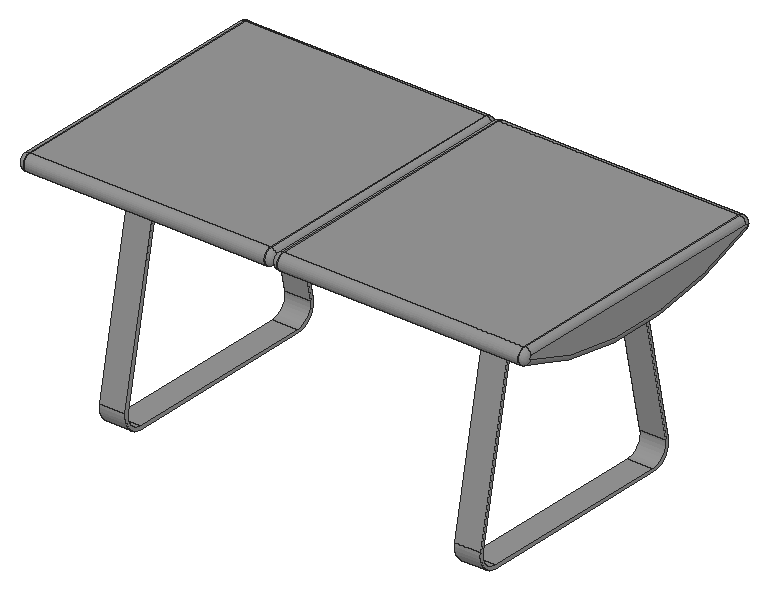
Revit family "Chico-Bench-Via_Seating", category Furniture, Revit 2014
Parameters (values of type "974")
  URL = "www.viaseating.com"
  Type Comments = "Bench"
  Salvage or Reuse = yes
  Percentage of Recycled Content = 0
  Origin = 0' - 10"
  Model = "974"
  Material = ""
  Manufacturer = "VIA SEATING"  # constant formula
  Low Emitting Material = yes
  Low Emitting Finish = yes
  Leg Sread = 2' - 4"
  Keynote = "12500"
  Fabric = Linen, White
  Description = "Chico Bench, 40\" Wide"
  Assembly Code = "E2020200"
  Aluminum = Aluminum
  # Of Seats = 2
Types (3): name | Origin | Model | Leg Sread | Description | # Of Seats
  (no name) | 0' - 10" | "974" | 2' - 4" | "Chico Bench, 40\" Wide" | 2
  974 | 0' - 10" | "974" | 2' - 4" | "Chico Bench, 40\" Wide" | 2
  976 | 1' - 8" | "976" | 3' - 2" | "Chico Bench, 60\" Wide" | 3
Reference planes (in)
  plane 1 "Center Front/Back": y = 0
  plane 2: z = 0
  plane 3 "Center Left/Right": x = 0
  plane 4: x = -10
  plane 5: x = -14
  plane 6: x = 14
Forms (in)
  Extrusion 1, solid, material "Aluminum" <- "Aluminum"
    sketch origin (-14, 16.92792, 48) x (0, 1, 0) y (0, 0, 1)
      loop
        arc (-10.39391, -33.30281) -> (-10.58258, -32.77772) -> (-10.90942, -32.32551) r 1.99289
        line (-10.90942, -32.32551) -> (-11.20741, -32.38731)
        arc (-11.20741, -32.38731) -> (-10.84324, -32.82346) -> (-10.63871, -33.35358) r 1.74289
        line (-10.63871, -33.35358) -> (-7.96491, -46.24616)
        arc (-7.96491, -46.24616) -> (-8.21939, -47.28905) -> (-9.18887, -47.75) r 1.25
        line (-9.18887, -47.75) -> (-24.68887, -47.75)
        arc (-24.68887, -47.75) -> (-25.67679, -47.29181) -> (-25.96518, -46.24169) r 1.29415
        line (-25.96518, -46.24169) -> (-23.29231, -33.35358)
        arc (-23.29231, -33.35358) -> (-23.08144, -32.81155) -> (-22.70494, -32.36826) r 1.75424
        line (-22.70494, -32.36826) -> (-23.00512, -32.306)
        arc (-23.00512, -32.306) -> (-23.34281, -32.76614) -> (-23.5371, -33.30281) r 2.00424
        line (-23.5371, -33.30281) -> (-26.2109, -46.1954)
        arc (-26.2109, -46.1954) -> (-25.86925, -47.4514) -> (-24.68887, -48) r 1.54415
        line (-24.68887, -48) -> (-9.18887, -48)
        arc (-9.18887, -48) -> (-8.02549, -47.44686) -> (-7.72012, -46.1954) r 1.5
        line (-7.72012, -46.1954) -> (-10.39391, -33.30281)
    from -1 to 1
  Extrusion 2, solid, material "Aluminum" <- "Aluminum"
    sketch origin (14, 16.92792, 48) x (0, 1, 0) y (0, 0, -1)
      loop
        line (-10.39391, 33.30281) -> (-7.72012, 46.1954)
        arc (-7.72012, 46.1954) -> (-8.02549, 47.44686) -> (-9.18887, 48) r 1.5
        line (-9.18887, 48) -> (-24.68887, 48)
        arc (-24.68887, 48) -> (-25.86925, 47.4514) -> (-26.2109, 46.1954) r 1.54415
        line (-26.2109, 46.1954) -> (-23.5371, 33.30281)
        arc (-23.5371, 33.30281) -> (-23.34281, 32.76614) -> (-23.00512, 32.306) r 2.00424
        line (-23.00512, 32.306) -> (-22.70494, 32.36826)
        arc (-22.70494, 32.36826) -> (-23.08144, 32.81155) -> (-23.29231, 33.35358) r 1.75424
        line (-23.29231, 33.35358) -> (-25.96518, 46.24169)
        arc (-25.96518, 46.24169) -> (-25.67679, 47.29181) -> (-24.68887, 47.75) r 1.29415
        line (-24.68887, 47.75) -> (-9.18887, 47.75)
        arc (-9.18887, 47.75) -> (-8.21939, 47.28905) -> (-7.96491, 46.24616) r 1.25
        line (-7.96491, 46.24616) -> (-10.63871, 33.35358)
        arc (-10.63871, 33.35358) -> (-10.84324, 32.82346) -> (-11.20741, 32.38731) r 1.74289
        line (-11.20741, 32.38731) -> (-10.90942, 32.32551)
        arc (-10.90942, 32.32551) -> (-10.58258, 32.77772) -> (-10.39391, 33.30281) r 1.99289
    from -1 to 1
Dimensions and locks (in)
  "Origin": plane 4 to plane 3 "Center Left/Right"
  group 1 to group 2 = 1' - 8"
  group 1 to group 2 = 0' - 0"  (x2)
  "Leg Sread": plane 5 to plane 6
  equal spacing: plane 5, plane 3 "Center Left/Right", plane 6
  equal spacing: Extrusion 1, plane 5, Extrusion 1
  locked: Extrusion 1 to Extrusion 1 at 2
  equal spacing: Extrusion 2, plane 6, Extrusion 2
  locked: Extrusion 2 to Extrusion 2 at 2
  locked: nested 1 to nested 2 at 20
  aligned and locked: level to plane 2
  aligned and locked: nested 1 to plane 4
  aligned and locked: plane 1 "Center Front/Back" to nested 1
Automatic sketch dimensions
  Extrusion 1 sketch curve to Extrusion 1 sketch curve = 0' - 0"  (x8)
  Extrusion 1 sketch curve to level = 0' - 0"
  level to Extrusion 1 sketch curve = 0' - 1.8046"  (x2)
  plane 1 "Center Front/Back" to Extrusion 1 sketch curve = 0' - 9.28298"
  level to Extrusion 1 sketch curve = 0' - 1.75831"
  Extrusion 1 sketch curve to Extrusion 1 sketch curve = 0' - 0.24572"
  level to Extrusion 1 sketch curve = 0' - 0 1/4"
  plane 1 "Center Front/Back" to Extrusion 1 sketch curve = 0' - 6.60919"
  Extrusion 1 sketch curve to Extrusion 1 sketch curve = 0' - 0.24479"  (x2)
  Extrusion 1 sketch curve to Extrusion 1 sketch curve = 0' - 0.2872"
  Extrusion 1 sketch curve to Extrusion 1 sketch curve = 0' - 0.30018"
  Extrusion 1 sketch curve to Extrusion 1 sketch curve = 0' - 1.13031"
  Extrusion 1 sketch curve to plane 1 "Center Front/Back" = 0' - 4.58264"
  Extrusion 1 sketch curve to Extrusion 1 sketch curve = 0' - 1.13787"
  Extrusion 1 sketch curve to Extrusion 1 sketch curve = 0' - 0.29799"
  Extrusion 1 sketch curve to Extrusion 1 sketch curve = 0' - 0.27071"
  level to Extrusion 1 sketch curve = 0' - 1 1/2"
  Extrusion 1 sketch curve to plane 1 "Center Front/Back" = 0' - 7.73905"
  level to Extrusion 1 sketch curve = 0' - 1.75384"
  Extrusion 1 sketch curve to Extrusion 1 sketch curve = 1' - 0.74604"
  Extrusion 1 sketch curve to Extrusion 1 sketch curve = 0' - 0.0023"
  Extrusion 1 sketch curve to Extrusion 1 sketch curve = 0' - 0.35393"
  Extrusion 1 sketch curve to Extrusion 1 sketch curve = 0' - 0.35623"
  Extrusion 1 sketch curve to Extrusion 1 sketch curve = 0' - 0 13/256"  (x2)
  Extrusion 2 sketch curve to Extrusion 2 sketch curve = 0' - 0"  (x8)
  Extrusion 2 sketch curve to level = 0' - 0"
  Extrusion 2 sketch curve to level = 0' - 1.8046"  (x2)
  Extrusion 2 sketch curve to plane 1 "Center Front/Back" = 0' - 9.28298"
  Extrusion 2 sketch curve to level = 0' - 1.75831"
  Extrusion 2 sketch curve to Extrusion 2 sketch curve = 0' - 0.24572"
  Extrusion 2 sketch curve to level = 0' - 0 1/4"
  Extrusion 2 sketch curve to plane 1 "Center Front/Back" = 0' - 6.60919"
  Extrusion 2 sketch curve to Extrusion 2 sketch curve = 0' - 0.24479"  (x2)
  Extrusion 2 sketch curve to Extrusion 2 sketch curve = 0' - 0.2872"
  Extrusion 2 sketch curve to Extrusion 2 sketch curve = 0' - 0.30018"
  Extrusion 2 sketch curve to Extrusion 2 sketch curve = 0' - 1.71769"
  plane 1 "Center Front/Back" to Extrusion 2 sketch curve = 0' - 4.58264"
  Extrusion 2 sketch curve to Extrusion 2 sketch curve = 0' - 1.13787"
  Extrusion 2 sketch curve to Extrusion 2 sketch curve = 0' - 0.29799"
  Extrusion 2 sketch curve to Extrusion 2 sketch curve = 0' - 0.27071"
  Extrusion 2 sketch curve to level = 0' - 1 1/2"
  plane 1 "Center Front/Back" to Extrusion 2 sketch curve = 0' - 7.73905"
  Extrusion 2 sketch curve to level = 0' - 1.75384"
  Extrusion 2 sketch curve to Extrusion 2 sketch curve = 1' - 0.74604"
  Extrusion 2 sketch curve to Extrusion 2 sketch curve = 0' - 0.0023"
  Extrusion 2 sketch curve to Extrusion 2 sketch curve = 0' - 0.35393"
  Extrusion 2 sketch curve to Extrusion 2 sketch curve = 0' - 0.35623"
  Extrusion 2 sketch curve to Extrusion 2 sketch curve = 0' - 0 13/256"  (x2)
Nested families (in)
  nested 1: "Chico-20_seat" at (-10, 0, 0), type "20" Seat"
  nested 2: "Chico-20_seat" at (10, 0, 0), type "20" Seat"
Definition of nested family "Chico-20_seat"
  Parameters (values of type "20" Seat")
    URL = "www.viaseating.com"
    Type Comments = "Bench"
    Salvage or Reuse = yes
    Plastic = none
    Percentage of Recycled Content = 0
    Model = "976"
    Material = ""
    Manufacturer = "VIA SEATING"  # constant formula
    Low Emitting Material = yes
    Low Emitting Finish = yes
    Keynote = "12500"
    HW = none
    Fabric = Linen, White
    Description = "Chico Bench, 60\" Wide"
    CYL = none
    Assembly Code = "E2020200"
    Aluminum = none
    # Of Seat = 3
  Reference planes (in)
    plane 1 "Center Front/Back": y = 0
    plane 2: z = 0
    plane 3 "Center Left/Right": x = 0
  Forms (in)
    Extrusion 1, solid, material "Linen, White" <- "Fabric"
      sketch origin (0, 0, 3.5) x (0, 1, 0) y (0, 0, 1)
        loop
          arc (-10.58741, 15) -> (-11.19863, 14.50553) -> (-10.84272, 13.80452) r 0.625
          arc (-10.84272, 13.80452) -> (0, 11.48893) -> (10.84272, 13.80452) r 26.54317
          arc (10.84272, 13.80452) -> (11.19863, 14.50553) -> (10.58741, 15) r 0.625
          line (10.58741, 15) -> (-10.58741, 15)
      from -9.5 to 9.5
    Sweep 2, solid, material "Linen, White" <- "Fabric"
      path origin (9.5, 0, 3.5) x (0, 1, 0) y (0, 0, 1)
        loop
          line (10.58741, 15) -> (-10.58741, 15)
          arc (-10.58741, 15) -> (-11.19863, 14.50553) -> (-10.84272, 13.80452) r 0.625
          arc (-10.84272, 13.80452) -> (0, 11.48893) -> (10.84272, 13.80452) r 26.54317
          arc (10.84272, 13.80452) -> (11.19863, 14.50553) -> (10.58741, 15) r 0.625
      profile origin (9.5, 0, 18.5) x (0, 0, -1) y (1, 0, 0)
        loop
          line (0, 0) -> (0.5, 0) -> (0.5, 0.5)
          arc (0.5, 0.5) -> (0.14645, 0.35355) -> (0, 0) r 0.5
    Extrusion 3, solid, material "Linen, White" <- "Fabric"
      sketch origin (9.5, 0, 3.5) x (0, 1, 0) y (0, 0, 1)
        loop
          arc (-10.58741, 14.5) -> (-10.70965, 14.40111) -> (-10.63847, 14.2609) r 0.125
          arc (-10.63847, 14.2609) -> (0, 11.98893) -> (10.63847, 14.2609) r 26.04317
          arc (10.63847, 14.2609) -> (10.70965, 14.40111) -> (10.58741, 14.5) r 0.125
          line (10.58741, 14.5) -> (-10.58741, 14.5)
      from 0 to 0.5
    Sweep 4, solid, material "Linen, White" <- "Fabric"
      path origin (-9.5, 0, 3.5) x (0, 1, 0) y (0, 0, 1)
        loop
          line (10.58741, 15) -> (-10.58741, 15)
          arc (-10.58741, 15) -> (-11.19863, 14.50553) -> (-10.84272, 13.80452) r 0.625
          arc (-10.84272, 13.80452) -> (0, 11.48893) -> (10.84272, 13.80452) r 26.54317
          arc (10.84272, 13.80452) -> (11.19863, 14.50553) -> (10.58741, 15) r 0.625
      profile origin (-9.5, 0, 18.5) x (0, 0, -1) y (1, 0, 0)
        loop
          arc (0, 0) -> (0.14645, -0.35355) -> (0.5, -0.5) r 0.5
          line (0.5, -0.5) -> (0.5, 0) -> (0, 0)
    Extrusion 5, solid, material "Linen, White" <- "Fabric"
      sketch origin (-9.5, 0, 3.5) x (0, 1, 0) y (0, 0, -1)
        loop
          line (-10.58741, -14.5) -> (10.58741, -14.5)
          arc (10.58741, -14.5) -> (10.70965, -14.40111) -> (10.63847, -14.2609) r 0.125
          arc (10.63847, -14.2609) -> (0, -11.98893) -> (-10.63847, -14.2609) r 26.04317
          arc (-10.63847, -14.2609) -> (-10.70965, -14.40111) -> (-10.58741, -14.5) r 0.125
      from 0 to 0.5
  Lines and regions (in)
    symbolic lines
      curve 1: line (-10, 10.58741, 0) -> (-10, -10.71241, 0)
      curve 2: arc (-10, -10.71241, 0) -> (-9.85355, -11.06596, 0) -> (-9.5, -11.21241, 0) r 0.5
      curve 3: line (-9.5, -11.21241, 0) -> (9.5, -11.21241, 0)
      curve 4: arc (9.5, -11.21241, 0) -> (9.9002, -11.02007, 0) -> (10, -10.58741, 0) r 0.5125
      curve 5: line (10, -10.58741, 0) -> (10, 10.71241, 0)
      curve 6: arc (10, 10.71241, 0) -> (9.85355, 11.06596, 0) -> (9.5, 11.21241, 0) r 0.5
      curve 7: line (9.5, 11.21241, 0) -> (-9.5, 11.21241, 0)
      curve 8: arc (-9.5, 11.21241, 0) -> (-9.85355, 11.06596, 0) -> (-10, 10.71241, 0) r 0.5
  Dimensions and locks (in)
    aligned and locked: level to plane 2
